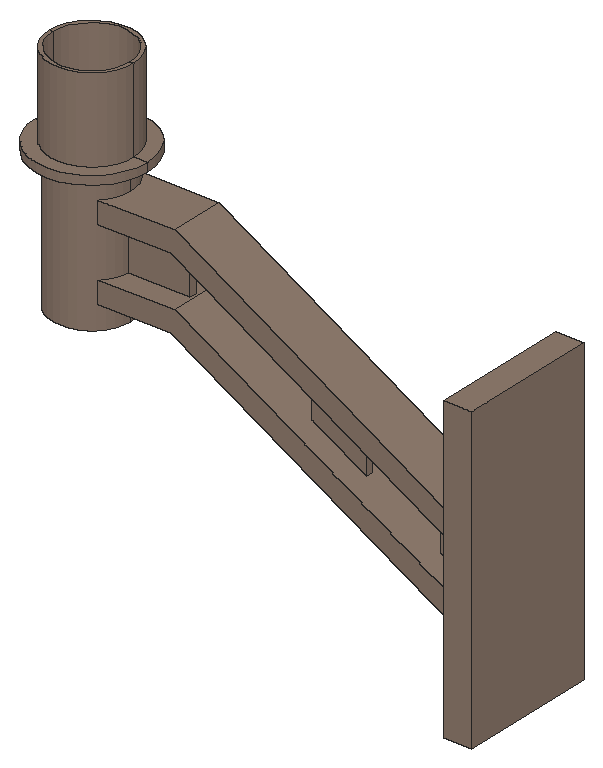
Revit family "WM221", category Generic Models, Revit 2014
Parameters
  WALL MOUNT = Bronze, Architectural
  ARM = Bronze, Architectural
Reference planes (in)
  plane 1 "Center (Front/Back)": y = 0
  plane 2: z = 0
  plane 3 "Center (Left/Right)": x = 0
  plane 4: y = 0.125
  plane 5: y = -0.125
Forms (in)
  Revolve 1, solid, material "Bronze, Architectural" <- "ARM"
    sketch origin (0, 0, 0) x (1, 0, 0) y (0, 0, 1)
      loop
        line (-17.05176, 26.78412) -> (-17.05176, 23.78412) -> (-17.55175, 23.78412) -> (-17.55175, 23.47162) -> (-16.94623, 23.47162) -> (-16.94623, 18.4859) -> (-15.55176, 18.4859) -> (-15.55176, 26.78412) -> (-17.05176, 26.78412)
      axis (-15.55176, 26.78412) -> (-15.55176, 18.4859)
    angle from 0 to 360
  Extrusion 2, solid, material "Bronze, Architectural" <- "WALL MOUNT"
    sketch origin (0, 0, 0) x (1, 0, 0) y (0, 0, 1)
      loop
        line (-1, 10.90785) -> (0, 10.90785) -> (0, 21.67908) -> (-1, 21.67908) -> (-1, 10.90785)
    from -2.5 to 2.5
  Extrusion 3, solid, material "Bronze, Architectural" <- "WALL MOUNT"
    sketch origin (0, 0, 0) x (1, 0, 0) y (0, 0, 1)
      loop
        line (-1.5, 12.2204) -> (-1, 12.2204) -> (-1, 17.56261) -> (-1.5, 17.56261) -> (-1.5, 12.2204)
    from -1.5 to 1.5
  Extrusion 4, solid, material "Bronze, Architectural" <- "ARM"
    sketch origin (0, 0, 0) x (1, 0, 0) y (0, 0, 1)
      loop
        line (-2.08839, 17.06261) -> (-11.79914, 22.67507) -> (-14.77649, 22.67507) -> (-14.77649, 21.89758) -> (-11.93845, 21.89758) -> (-1.5, 15.90711) -> (-1.5, 17.06261) -> (-2.08839, 17.06261)
      loop
        line (-1.5, 14.21071) -> (-11.79914, 20.11056) -> (-14.84389, 20.11056) -> (-14.84389, 19.33306) -> (-11.93845, 19.33306) -> (-1.5, 13.3426) -> (-1.5, 14.21071)
    from -1 to 1
  Extrusion 5, solid, material "Bronze, Architectural" <- "ARM"
    sketch origin (0, 0, 0) x (1, 0, 0) y (0, 0, 1)
      loop
        line (-3, 16.76794) -> (-3, 15.06998) -> (-1.5, 14.21071) -> (-1.5, 15.90711) -> (-3, 16.76794)
      loop
        line (-5.64957, 16.58779) -> (-5.64957, 18.28849) -> (-7.58707, 19.40039) -> (-7.58707, 17.69969) -> (-5.64957, 16.58779)
      loop
        line (-11.93845, 21.89758) -> (-14.15727, 21.89758) -> (-14.15727, 20.11056) -> (-11.93845, 20.11056) -> (-11.93845, 21.89758)
    from -0.125 to 0.125
  Revolve 6, void
    sketch origin (0, 0, 0) x (1, 0, 0) y (0, 0, 1)
      loop
        line (-15.55176, 23.93404) -> (-15.55176, 26.78412) -> (-16.92676, 26.78412) -> (-16.92676, 23.93404) -> (-15.55176, 23.93404)
      axis (-15.55176, 26.78412) -> (-15.55176, 23.93404)
    angle from 0 to 360
Cuts and joins
  Revolve 6 cuts Revolve 1
Dimensions and locks (in)
  aligned and locked: plane 2 to level
